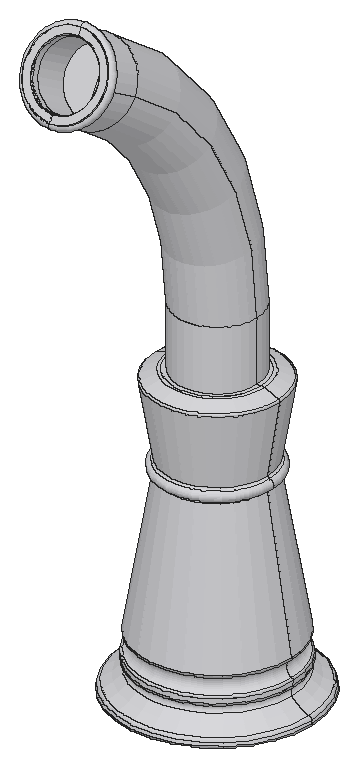
Revit family "Faucet-Wall_Mount-Bath_Spout-KOHLER-ARCHER-K-8452X", category Plumbing Fixtures, host Face, Revit 2017
Family settings
  Host = Face
  Round Connector Dimension = Use Diameter
  Part Type = Normal
  OmniClass Number = 23.31.11.00
  OmniClass Title = Faucets
  Cut with Voids When Loaded = No
  Shared = No
  Room Calculation Point = No
Parameters (values of type "CP- Polished chrome")
  Width = 2 31/128"  # constant formula
  WaterSense Certified = 1 = 0  # no
  Waste Water Outlet = "Waste Water Outlet"  # constant formula
  Waste Connection = 1 = 0  # no
  Vent Connection = 1 = 0  # no
  URL = "https://www.kohler.co.th/"
  Type = 1
  Spout Reach = 7 123/256"  # constant formula
  Product Page URL = "https://www.kohler.co.th/en/productDetails/8452X?skuid=8452X-CP"
  Product Name = "ARCHER"  # constant formula
  Product Documentation Link = "http://resources.kohler.com/plumbing/kohlerapac/pdf/x4_170325221616.pdf"
  Pressure = 0.00 psi
  Model = if(Type = 1, "K-8452X-CP", "NA")  # "K-8452X-CP"
  Material = "Brass construction"  # constant formula
  Master Format 2014 Name = "Residential Faucets, Supplies, and Trim"  # constant formula
  Master Format 2014 = "22 41 39"  # constant formula
  Manufacturer Address = "16th Floor, Jasmine City Building 2, Soi Sukhumvit 23, Sukhumvit Road, Khlong Toei Nuea, Watthana, Bangkok 10110"  # constant formula
  Manufacturer = "KOHLER Co."  # constant formula
  Length = Spout Reach  # 7 123/256"
  Tempered Water Inlet = "Tempered Water Inlet"  # constant formula
  Height = 2 31/128"  # constant formula
  HW Connection = 1 = 1  # yes
  Flow Rate = 0 GPM
  Finish = Kohler-Metal-CP-Polished_Chrome
  Environmental Product Declaration = ""
  Drain Included = 1 = 0  # no
  Description = "Bath Spout"  # constant formula
  Default Elevation = 6 77/256"
  Declare Label = ""
  Date Modified = "09/24/2020"  # constant formula
  Date Created = "09/24/2020"  # constant formula
  Copyright = "Copyright KOHLER Co."  # constant formula
  Contact Us = "https://www.kohler.co.th/contact-us"
  Cold Water Inlet = "Cold Water Inlet"  # constant formula
  CW Connection = 1 = 0  # no
  Assembly Code = "D2010"
  ADA Compliant = 1 = 0  # no
Reference planes (in)
  plane 1 "Center (Front/Back)": y = 0
  plane 2: z = 0
  plane 3 "Center (Left/Right)": x = 0
  plane 4: x = -1.12205
  plane 5: x = 1.12014
  plane 6: y = 1.12205
  plane 7: y = -1.12205
  plane 8: z = 7.48047
  plane 9: y = -2.24219
  plane 10: z = 7.91339
  plane 11: through (0, -2.48563, 7.62102) normal (0, -0.5, -0.866)
Dimensions and locks (in)
  "Width": plane 4 to plane 5
  locked: plane 7 to plane 6 at 2.24409
  "Height": plane 1 "Center (Front/Back)" to plane 9
  "Spout Reach": level to plane 8
  locked: level to plane 10 at 7.91339
  locked: plane 8 to plane 11 (angle 30.00°)
  aligned and locked: plane 2 to host face
  aligned and locked: level to host face
  aligned and locked: plane 1 "Center (Front/Back)" to nested 1
  aligned and locked: plane 3 "Center (Left/Right)" to nested 1
  aligned and locked: plane 4 to nested 1
  aligned and locked: plane 5 to nested 1
  aligned and locked: plane 6 to nested 1
  aligned and locked: plane 7 to nested 1
  aligned and locked: plane 8 to nested 1
  aligned and locked: plane 9 to nested 1
  aligned and locked: plane 10 to nested 1
  aligned and locked: plane 11 to nested 1
Automatic sketch dimensions
  host sketch curve to host sketch curve = 96"  (x2)
Nested families (in)
  nested 1: "K-8452X" at (0, 0, 0.00015), type "K-8452X"
Connectors (in)
  piping at (0, 0, 0.00015), diameter 0.5, driven by "Flow Rate", driven by "HW Connection", driven by "Tempered Water Inlet"
    settings: on nested 1, index 1, connector inside diameter 24", connector length 0", flow factor 0, pipe flow 0 GPM, pressure drop 0.00 psi, fitting loss kfactor 0, connector angle 0.00°, fixture units 0, engagement length 0", angle of deflection 0.00°, flow configuration 0, flow direction 1, fitting loss method 0, system type 19, joint type 0, gender type 0, connector reference index -1, connector utility 1, adjustable connector no, is connector primary yes, connector description "Tempered Water Inlet"
Definition of nested family "K-8452X"
  Parameters (values of type "K-8452X")
    Material = none
  Reference planes (in)
    plane 1 "Center (Front/Back)": y = 0
    plane 2: z = 0
    plane 3 "Center (Left/Right)": x = 0
    plane 4: x = -1.12205
    plane 5: x = 1.12205
    plane 6: y = 1.12205
    plane 7: y = -1.12205
    plane 8: z = 7.48031
    plane 9: y = -2.24409
    plane 10: z = 7.91339
    plane 11: through (0, -2.24409, 7.48031) normal (0, 0.5, 0.866)
  Forms (in)
    Revolve 1, solid, material <- "Material", detail levels medium+fine
      sketch origin (0, 0, 0.00023) x (1, 0, 0) y (0, 0, 1)
        loop
          line (0, -0.00023) -> (0, 3.39017) -> (-0.52376, 3.39017)
          arc (-0.52376, 3.39017) -> (-0.54037, 3.38853) -> (-0.55634, 3.38366) r 0.08479
          line (-0.55634, 3.38366) -> (-0.72325, 3.31421)
          arc (-0.72325, 3.31421) -> (-0.73456, 3.30407) -> (-0.73706, 3.28909) r 0.02297
          line (-0.73706, 3.28909) -> (-0.59507, 2.46679)
          arc (-0.59507, 2.46679) -> (-0.59912, 2.44906) -> (-0.61456, 2.43946) r 0.02362
          arc (-0.61456, 2.43946) -> (-0.66266, 2.3835) -> (-0.61577, 2.32653) r 0.05731
          arc (-0.61577, 2.32653) -> (-0.60068, 2.31682) -> (-0.59678, 2.29931) r 0.02362
          line (-0.59678, 2.29931) -> (-0.8817, 0.63789)
          arc (-0.8817, 0.63789) -> (-0.87953, 0.62162) -> (-0.86849, 0.60947) r 0.02756
          arc (-0.86849, 0.60947) -> (-0.81852, 0.51436) -> (-0.88167, 0.42744) r 0.10177
          arc (-0.88167, 0.42744) -> (-0.89381, 0.41757) -> (-0.89838, 0.40261) r 0.02681
          line (-0.89838, 0.40261) -> (-0.89838, 0.34882)
          arc (-0.89838, 0.34882) -> (-0.89504, 0.3338) -> (-0.88565, 0.32162) r 0.03543
          arc (-0.88565, 0.32162) -> (-0.86565, 0.28109) -> (-0.8822, 0.23902) r 0.05585
          arc (-0.8822, 0.23902) -> (-0.97639, 0.15923) -> (-1.08165, 0.09474) r 0.80691
          arc (-1.08165, 0.09474) -> (-1.10067, 0.07929) -> (-1.11178, 0.05746) r 0.05905
          line (-1.11178, 0.05746) -> (-1.12143, 0.02142)
          arc (-1.12143, 0.02142) -> (-1.11847, 0.0065) -> (-1.10482, -0.00023) r 0.0172
          line (-1.10482, -0.00023) -> (0, -0.00023)
        axis (0, 3.39017) -> (0, -0.00023)
      angle from 0 to 360
    Sweep 2, solid, material <- "Material"
      path origin (0, 0, 0) x (0, 1, 0) y (0, 0, 1)
        loop
          line (0, 3.39017) -> (0, 4.0935)
          arc (0, 4.0935) -> (-0.48526, 5.90452) -> (-1.81102, 7.23028) r 3.62205
          line (-1.81102, 7.23028) -> (-2.24409, 7.48031)
      profile origin (0, 0, 3.74183) x (0, -1, 0) y (1, 0, 0)
        loop
          circle (0, 0) r 0.47244
    Revolve 3, solid, material <- "Material", detail levels medium+fine
      sketch origin (0, 0, 0.00023) x (0, 1, 0) y (0, 0, 1)
        loop
          line (-2.24409, 7.48031) -> (-2.15429, 7.42847) -> (-1.91922, 7.83561)
          arc (-1.91922, 7.83561) -> (-1.9382, 7.90644) -> (-2.00903, 7.88746) r 0.05185
          line (-2.00903, 7.88746) -> (-2.24409, 7.48031)
        axis (-2.15429, 7.42847) -> (-2.24409, 7.48031)
      angle from 0 to 360
    Revolve 4, void, detail levels medium+fine
      sketch origin (0, 0, 0.00023) x (0, 1, 0) y (0, 0, 1)
        loop
          line (-1.77847, 7.21148) -> (-1.59062, 7.53684) -> (-2.0368, 7.79444)
          arc (-2.0368, 7.79444) -> (-2.0549, 7.82016) -> (-2.04695, 7.8506) r 0.03738
          line (-2.04695, 7.8506) -> (-2.08028, 7.86984) -> (-2.2899, 7.50676) -> (-1.77847, 7.21148)
        axis (-1.77847, 7.21148) -> (-2.2899, 7.50676)
      angle from 0 to 360
    Revolve 5, solid, material <- "Material", detail levels coarse
      sketch origin (0, 0, 0) x (0, 1, 0) y (0, 0, 1)
        loop
          line (0, 3.39017) -> (0, 0.17212) -> (0, 0) -> (1.12205, 0) -> (1.12205, 0.36193) -> (0.89838, 0.36193) -> (0.89838, 3.39017) -> (0, 3.39017)
        axis (0, 3.39017) -> (0, 0)
      angle from 0 to 360
    Extrusion 6, solid, material <- "Material", detail levels medium+fine
      sketch origin (0, 0, 0) x (1, 0, 0) y (0, 1, 0)
        loop
          circle (0, 0) r 0.11811
      from 0 to 0.19685
  Cuts and joins
    Revolve 4 cuts Revolve 3
    joined: Revolve 1, Revolve 3
    Revolve 4 cuts Sweep 2
  Lines and regions (in)
    Masking region 1
      outline origin (0, 0, 0) x (1, 0, 0) y (0, 1, 0)
        loop
          arc (0.47244, -1.01774) -> (0, 1.12205) -> (-0.47244, -1.01774) r 1.12205
          line (-0.47244, -1.01774) -> (-0.47244, -2.07248)
          spline (-0.47244, -2.07248) -> (-0.50272, -2.11781) -> (-0.51905, -2.16531) -> (-0.52097, -2.21366) -> (-0.50842, -2.26151) -> (-0.48177, -2.30754) -> (-0.44174, -2.35047) -> (-0.38945, -2.3891) -> (-0.32635, -2.42238) -> (-0.25419, -2.44936) -> (-0.17497, -2.46931) -> (-0.0909, -2.48167) -> (-0.0043, -2.4861)
          spline (-0.0043, -2.4861) -> (0.08312, -2.4824) -> (0.1682, -2.47062) -> (0.24853, -2.45109) -> (0.32185, -2.42436) -> (0.38609, -2.39118) -> (0.43943, -2.35249) -> (0.48038, -2.30937) -> (0.50777, -2.26306) -> (0.52083, -2.21485) -> (0.5192, -2.1661) -> (0.50291, -2.1182) -> (0.47244, -2.07248)
          line (0.47244, -2.07248) -> (0.47244, -1.01774)
    Masking region 2
      outline origin (0, 0, 0) x (1, 0, 0) y (0, 0, 1)
        loop
          line (0, 0) -> (1.10476, 0)
          arc (1.10476, 0) -> (1.11841, 0.00673) -> (1.12137, 0.02165) r 0.0172
          line (1.12137, 0.02165) -> (1.11178, 0.05746)
          arc (1.11178, 0.05746) -> (1.10067, 0.07929) -> (1.08165, 0.09474) r 0.05905
          arc (1.08165, 0.09474) -> (0.97639, 0.15923) -> (0.8822, 0.23902) r 0.80691
          arc (0.8822, 0.23902) -> (0.86565, 0.28109) -> (0.88565, 0.32162) r 0.05585
          arc (0.88565, 0.32162) -> (0.89504, 0.3338) -> (0.89838, 0.34882) r 0.03543
          line (0.89838, 0.34882) -> (0.89838, 0.40261)
          arc (0.89838, 0.40261) -> (0.89381, 0.41757) -> (0.88167, 0.42744) r 0.02681
          arc (0.88167, 0.42744) -> (0.81852, 0.51436) -> (0.86849, 0.60947) r 0.10177
          arc (0.86849, 0.60947) -> (0.87953, 0.62162) -> (0.8817, 0.63789) r 0.02756
          line (0.8817, 0.63789) -> (0.59678, 2.29931)
          arc (0.59678, 2.29931) -> (0.60068, 2.31682) -> (0.61577, 2.32653) r 0.02362
          arc (0.61577, 2.32653) -> (0.66266, 2.3835) -> (0.61456, 2.43946) r 0.05731
          arc (0.61456, 2.43946) -> (0.59912, 2.44906) -> (0.59507, 2.46679) r 0.02362
          line (0.59507, 2.46679) -> (0.73706, 3.28909)
          arc (0.73706, 3.28909) -> (0.73456, 3.30407) -> (0.72325, 3.31421) r 0.02297
          line (0.72325, 3.31421) -> (0.55634, 3.38366)
          arc (0.55634, 3.38366) -> (0.54037, 3.38853) -> (0.52376, 3.39017) r 0.08479
          line (0.52376, 3.39017) -> (0.47244, 3.39017) -> (0.47244, 7.25936)
          arc (0.47244, 7.25936) -> (0.51265, 7.36788) -> (0.52065, 7.48334) r 0.40663
          spline (0.52065, 7.48334) -> (0.50204, 7.59508) -> (0.44937, 7.69903) -> (0.3662, 7.78814) -> (0.25817, 7.85637) -> (0.13263, 7.89908) -> (-0.00192, 7.91338) -> (-0.13635, 7.8983) -> (-0.26153, 7.85486) -> (-0.36898, 7.786) -> (-0.45139, 7.69641) -> (-0.50319, 7.59216) -> (-0.52086, 7.48031)
          arc (-0.52086, 7.48031) -> (-0.51232, 7.3664) -> (-0.47244, 7.25936) r 0.40663
          line (-0.47244, 7.25936) -> (-0.47244, 3.39017) -> (-0.52376, 3.39017)
          arc (-0.52376, 3.39017) -> (-0.54037, 3.38853) -> (-0.55634, 3.38366) r 0.08479
          line (-0.55634, 3.38366) -> (-0.72325, 3.31421)
          arc (-0.72325, 3.31421) -> (-0.73456, 3.30407) -> (-0.73706, 3.28909) r 0.02297
          line (-0.73706, 3.28909) -> (-0.59507, 2.46679)
          arc (-0.59507, 2.46679) -> (-0.59912, 2.44906) -> (-0.61456, 2.43946) r 0.02362
          arc (-0.61456, 2.43946) -> (-0.66266, 2.3835) -> (-0.61577, 2.32653) r 0.05731
          arc (-0.61577, 2.32653) -> (-0.60068, 2.31682) -> (-0.59678, 2.29931) r 0.02362
          line (-0.59678, 2.29931) -> (-0.8817, 0.63789)
          arc (-0.8817, 0.63789) -> (-0.87953, 0.62162) -> (-0.86849, 0.60947) r 0.02756
          arc (-0.86849, 0.60947) -> (-0.81852, 0.51436) -> (-0.88167, 0.42744) r 0.10177
          arc (-0.88167, 0.42744) -> (-0.89381, 0.41757) -> (-0.89838, 0.40261) r 0.02681
          line (-0.89838, 0.40261) -> (-0.89838, 0.34882)
          arc (-0.89838, 0.34882) -> (-0.89504, 0.3338) -> (-0.88565, 0.32162) r 0.03543
          arc (-0.88565, 0.32162) -> (-0.86565, 0.28109) -> (-0.8822, 0.23902) r 0.05585
          arc (-0.8822, 0.23902) -> (-0.97639, 0.15923) -> (-1.08165, 0.09474) r 0.80691
          arc (-1.08165, 0.09474) -> (-1.10067, 0.07929) -> (-1.11178, 0.05746) r 0.05905
          line (-1.11178, 0.05746) -> (-1.12137, 0.02165)
          arc (-1.12137, 0.02165) -> (-1.11841, 0.00673) -> (-1.10476, 0) r 0.0172
          line (-1.10476, 0) -> (0, 0)
    Masking region 3
      outline origin (0, 0, 0) x (0, 1, 0) y (0, 0, 1)
        loop
          line (0, 0) -> (1.10482, 0)
          arc (1.10482, 0) -> (1.11847, 0.00673) -> (1.12143, 0.02165) r 0.0172
          line (1.12143, 0.02165) -> (1.11178, 0.05769)
          arc (1.11178, 0.05769) -> (1.10067, 0.07952) -> (1.08165, 0.09497) r 0.05905
          arc (1.08165, 0.09497) -> (0.97639, 0.15946) -> (0.8822, 0.23925) r 0.80691
          arc (0.8822, 0.23925) -> (0.86565, 0.28131) -> (0.88565, 0.32185) r 0.05585
          arc (0.88565, 0.32185) -> (0.89504, 0.33403) -> (0.89838, 0.34905) r 0.03543
          line (0.89838, 0.34905) -> (0.89838, 0.40284)
          arc (0.89838, 0.40284) -> (0.89381, 0.4178) -> (0.88167, 0.42766) r 0.02681
          arc (0.88167, 0.42766) -> (0.81852, 0.51458) -> (0.86849, 0.6097) r 0.10177
          arc (0.86849, 0.6097) -> (0.87953, 0.62185) -> (0.8817, 0.63812) r 0.02756
          line (0.8817, 0.63812) -> (0.59678, 2.29954)
          arc (0.59678, 2.29954) -> (0.60068, 2.31704) -> (0.61577, 2.32676) r 0.02362
          arc (0.61577, 2.32676) -> (0.66266, 2.38373) -> (0.61456, 2.43968) r 0.05731
          arc (0.61456, 2.43968) -> (0.59912, 2.44929) -> (0.59507, 2.46702) r 0.02362
          line (0.59507, 2.46702) -> (0.73706, 3.28932)
          arc (0.73706, 3.28932) -> (0.73456, 3.3043) -> (0.72325, 3.31444) r 0.02297
          line (0.72325, 3.31444) -> (0.55634, 3.38389)
          arc (0.55634, 3.38389) -> (0.54037, 3.38876) -> (0.52376, 3.3904) r 0.08479
          line (0.52376, 3.3904) -> (0.47244, 3.3904) -> (0.47244, 4.0935)
          arc (0.47244, 4.0935) -> (-0.07612, 6.14074) -> (-1.5748, 7.63943) r 4.09449
          line (-1.5748, 7.63943) -> (-1.91811, 7.83764)
          arc (-1.91811, 7.83764) -> (-1.93817, 7.90655) -> (-2.00787, 7.88946) r 0.05187
          line (-2.00787, 7.88946) -> (-2.48031, 7.07117)
          arc (-2.48031, 7.07117) -> (-2.46026, 7.00225) -> (-2.39055, 7.01935) r 0.05187
          line (-2.39055, 7.01935) -> (-2.04724, 6.82114)
          arc (-2.04724, 6.82114) -> (-0.89441, 5.6683) -> (-0.47244, 4.0935) r 3.14961
          line (-0.47244, 4.0935) -> (-0.47244, 3.3904) -> (-0.52376, 3.3904)
          arc (-0.52376, 3.3904) -> (-0.54037, 3.38876) -> (-0.55634, 3.38389) r 0.08479
          line (-0.55634, 3.38389) -> (-0.72325, 3.31444)
          arc (-0.72325, 3.31444) -> (-0.73456, 3.3043) -> (-0.73706, 3.28932) r 0.02297
          line (-0.73706, 3.28932) -> (-0.59507, 2.46702)
          arc (-0.59507, 2.46702) -> (-0.59912, 2.44929) -> (-0.61456, 2.43968) r 0.02362
          arc (-0.61456, 2.43968) -> (-0.66266, 2.38373) -> (-0.61577, 2.32676) r 0.05731
          arc (-0.61577, 2.32676) -> (-0.60068, 2.31704) -> (-0.59678, 2.29954) r 0.02362
          line (-0.59678, 2.29954) -> (-0.8817, 0.63812)
          arc (-0.8817, 0.63812) -> (-0.87953, 0.62185) -> (-0.86849, 0.6097) r 0.02756
          arc (-0.86849, 0.6097) -> (-0.81852, 0.51458) -> (-0.88167, 0.42766) r 0.10177
          arc (-0.88167, 0.42766) -> (-0.89381, 0.4178) -> (-0.89838, 0.40284) r 0.02681
          line (-0.89838, 0.40284) -> (-0.89838, 0.34905)
          arc (-0.89838, 0.34905) -> (-0.89504, 0.33403) -> (-0.88565, 0.32185) r 0.03543
          arc (-0.88565, 0.32185) -> (-0.86565, 0.28131) -> (-0.8822, 0.23925) r 0.05585
          arc (-0.8822, 0.23925) -> (-0.97639, 0.15946) -> (-1.08165, 0.09497) r 0.80691
          arc (-1.08165, 0.09497) -> (-1.10067, 0.07952) -> (-1.11178, 0.05769) r 0.05905
          line (-1.11178, 0.05769) -> (-1.12143, 0.02165)
          arc (-1.12143, 0.02165) -> (-1.11847, 0.00673) -> (-1.10482, 0) r 0.0172
          line (-1.10482, 0) -> (0, 0)
    symbolic lines, detail levels medium+fine
      curve 1: arc (0.47244, -0.76412, 0) -> (0, 0.89838, 0) -> (-0.47244, -0.76412, 0) r 0.89838
      curve 2: arc (0.47244, -0.74543, 0) -> (0, 0.88253, 0) -> (-0.47244, -0.74543, 0) r 0.88253
      curve 3: arc (0.47244, -0.56691, 0) -> (0, 0.73796, 0) -> (-0.47244, -0.56691, 0) r 0.73796
      curve 4: arc (0.47244, -0.28679, 0) -> (0, 0.55267, 0) -> (-0.47244, -0.28679, 0) r 0.55267
      curve 5: line (-0.47244, 0.00046, 0) -> (-0.47244, -1.1811, 0)
      curve 6: line (0.47244, 0.00046, 0) -> (0.47244, -1.1811, 0)
      curve 7: arc (0.47244, 0.00046, 0) -> (0, 0.4729, 0) -> (-0.47244, 0.00046, 0) r 0.47244
      curve 8: spline (0, -2.43569, 0) -> (-0.09917, -2.42916, 0) -> (-0.19159, -2.41002, 0) -> (-0.27095, -2.37957, 0) -> (-0.33185, -2.33989, 0) -> (-0.37013, -2.29368, 0) -> (-0.38318, -2.24409, 0) -> (-0.37013, -2.19451, 0) -> (-0.33185, -2.1483, 0) -> (-0.27095, -2.10862, 0) -> (-0.19159, -2.07817, 0) -> (-0.09917, -2.05903, 0) -> (0, -2.0525, 0)
      curve 9: spline (0, -2.0525, 0) -> (0.09917, -2.05903, 0) -> (0.19159, -2.07817, 0) -> (0.27095, -2.10862, 0) -> (0.33185, -2.1483, 0) -> (0.37013, -2.19451, 0) -> (0.38318, -2.24409, 0) -> (0.37013, -2.29368, 0) -> (0.33185, -2.33989, 0) -> (0.27095, -2.37957, 0) -> (0.19159, -2.41002, 0) -> (0.09917, -2.42916, 0) -> (0, -2.43569, 0)
      curve 10: arc (-0.47244, -2.07248, 0) -> (-0.38228, -1.99853, 0) -> (-0.27466, -1.95364, 0) r 0.40107
      curve 11: arc (-0.27466, -1.95364, 0) -> (-0.1384, -1.92759, 0) -> (0, -1.91811, 0) r 1.15075
      curve 12: arc (0.47244, -2.07248, 0) -> (0.38228, -1.99853, 0) -> (0.27466, -1.95364, 0) r 0.40107
      curve 13: arc (0.27466, -1.95364, 0) -> (0.1384, -1.92759, 0) -> (0, -1.91811, 0) r 1.15075
      curve 14: spline (-0.47244, -1.77343, 0) -> (-0.45634, -1.73324, 0) -> (-0.40915, -1.69578, 0) -> (-0.33407, -1.66361, 0) -> (-0.23622, -1.63893, 0) -> (-0.12228, -1.62342, 0) -> (0, -1.61812, 0) -> (0.12228, -1.62342, 0) -> (0.23622, -1.63893, 0) -> (0.33407, -1.66361, 0) -> (0.40915, -1.69578, 0) -> (0.45634, -1.73324, 0) -> (0.47244, -1.77343, 0)
      curve 15: spline (-0.35916, -2.21891, 0) -> (-0.34692, -2.17584, 0) -> (-0.31104, -2.13571, 0) -> (-0.25397, -2.10124, 0) -> (-0.17958, -2.0748, 0) -> (-0.09296, -2.05817, 0) -> (0, -2.0525, 0) -> (0.09296, -2.05817, 0) -> (0.17958, -2.0748, 0) -> (0.25397, -2.10124, 0) -> (0.31104, -2.13571, 0) -> (0.34692, -2.17584, 0) -> (0.35916, -2.21891, 0) -> (0.34692, -2.26198, 0) -> (0.31104, -2.30211, 0) -> (0.25397, -2.33658, 0) -> (0.17958, -2.36302, 0) -> (0.09296, -2.37965, 0) -> (0, -2.38532, 0) -> (-0.09296, -2.37965, 0) -> (-0.17958, -2.36302, 0) -> (-0.25397, -2.33658, 0) -> (-0.31104, -2.30211, 0) -> (-0.34692, -2.26198, 0) -> (-0.35916, -2.21891, 0)
      curve 16: spline (-0.34712, -2.21165, 0) -> (-0.33529, -2.1729, 0) -> (-0.30061, -2.13679, 0) -> (-0.24545, -2.10579, 0) -> (-0.17356, -2.082, 0) -> (-0.08984, -2.06704, 0) -> (0, -2.06194, 0) -> (0.08984, -2.06704, 0) -> (0.17356, -2.082, 0) -> (0.24545, -2.10579, 0) -> (0.30061, -2.13679, 0) -> (0.33529, -2.1729, 0) -> (0.34712, -2.21165, 0) -> (0.33529, -2.25039, 0) -> (0.30061, -2.2865, 0) -> (0.24545, -2.3175, 0) -> (0.17356, -2.34129, 0) -> (0.08984, -2.35625, 0) -> (0, -2.36135, 0) -> (-0.08984, -2.35625, 0) -> (-0.17356, -2.34129, 0) -> (-0.24545, -2.3175, 0) -> (-0.30061, -2.2865, 0) -> (-0.33529, -2.25039, 0) -> (-0.34712, -2.21165, 0)
      curve 17: spline (-0.33981, -2.20632, 0) -> (-0.32824, -2.16896, 0) -> (-0.29429, -2.13413, 0) -> (-0.24029, -2.10423, 0) -> (-0.16991, -2.08129, 0) -> (-0.08795, -2.06686, 0) -> (0, -2.06194, 0) -> (0.08795, -2.06686, 0) -> (0.16991, -2.08129, 0) -> (0.24029, -2.10423, 0) -> (0.29429, -2.13413, 0) -> (0.32824, -2.16896, 0) -> (0.33981, -2.20632, 0) -> (0.32824, -2.24369, 0) -> (0.29429, -2.27852, 0) -> (0.24029, -2.30842, 0) -> (0.16991, -2.33136, 0) -> (0.08795, -2.34579, 0) -> (0, -2.35071, 0) -> (-0.08795, -2.34579, 0) -> (-0.16991, -2.33136, 0) -> (-0.24029, -2.30842, 0) -> (-0.29429, -2.27852, 0) -> (-0.32824, -2.24369, 0) -> (-0.33981, -2.20632, 0)
      curve 18: line (-0.01228, -2.20667, 0) -> (-0.02479, -2.35032, 0)
      curve 19: line (-0.05847, -2.24409, 0) -> (-0.21756, -2.31696, 0)
      curve 20: line (-0.02829, -2.24409, 0) -> (-0.32798, -2.24409, 0)
      curve 21: line (-0.21089, -2.24409, 0) -> (-0.21089, -2.31954, 0)
      curve 22: line (-0.05847, -2.24409, 0) -> (-0.05847, -2.2042, 0)
      curve 23: line (-0.06487, -2.24409, 0) -> (-0.06487, -2.20148, 0)
      curve 24: line (-0.26562, -2.11627, 0) -> (-0.02829, -2.21701, 0)
      curve 25: line (-0.02829, -2.21701, 0) -> (-0.02829, -2.06244, 0)
      curve 26: line (-0.21756, -2.31696, 0) -> (-0.21756, -2.24409, 0)
      curve 27: line (-0.01639, -2.06211, 0) -> (-0.01387, -2.20667, 0)
      curve 28: line (-0.02829, -2.20667, 0) -> (-0.01816, -2.20667, 0)
      curve 29: line (-0.02829, -2.19956, 0) -> (-0.24649, -2.10694, 0)
      curve 30: line (0.01228, -2.20667, 0) -> (0.02479, -2.35032, 0)
      curve 31: line (0.05847, -2.24409, 0) -> (0.21756, -2.31696, 0)
      curve 32: line (0.02829, -2.24409, 0) -> (0.32798, -2.24409, 0)
      curve 33: line (0.21089, -2.24409, 0) -> (0.21089, -2.31954, 0)
      curve 34: line (0.05847, -2.24409, 0) -> (0.05847, -2.2042, 0)
      curve 35: line (0.06487, -2.24409, 0) -> (0.06487, -2.20148, 0)
      curve 36: line (0.26494, -2.11656, 0) -> (0.02829, -2.21701, 0)
      curve 37: line (0.02829, -2.21701, 0) -> (0.02829, -2.06244, 0)
      curve 38: line (0.21756, -2.31696, 0) -> (0.21756, -2.24409, 0)
      curve 39: line (0.01639, -2.06211, 0) -> (0.01387, -2.20667, 0)
      curve 40: line (0.02829, -2.20667, 0) -> (-0.01816, -2.20667, 0)
      curve 41: line (0.02829, -2.19956, 0) -> (0.24649, -2.10694, 0)
      curve 42: line (0.47244, 0, 3.39017) -> (-0.47244, 0, 3.39017)
      curve 43: line (0.47244, 0, 4.30798) -> (-0.47244, 0, 4.30798)
      curve 44: line (0.72325, 0, 3.31421) -> (-0.72325, 0, 3.31421)
      curve 45: line (0.59507, 0, 2.46679) -> (-0.59507, 0, 2.46679)
      curve 46: line (0.59678, 0, 2.29931) -> (-0.59678, 0, 2.29931)
      curve 47: line (0.8817, 0, 0.63789) -> (-0.8817, 0, 0.63789)
      curve 48: line (0.88167, 0, 0.42744) -> (-0.88167, 0, 0.42744)
      curve 49: line (0.88565, 0, 0.32162) -> (-0.88565, 0, 0.32162)
      curve 50: line (0.8822, 0, 0.23902) -> (-0.8822, 0, 0.23902)
      curve 51: line (1.08165, 0, 0.09474) -> (-1.08165, 0, 0.09474)
      curve 52: spline (0, 0, 7.83764) -> (0.06167, 0, 7.83414) -> (0.12228, 0, 7.8237) -> (0.1808, 0, 7.80649) -> (0.23622, 0, 7.78282) -> (0.2876, 0, 7.75309) -> (0.33407, 0, 7.7178) -> (0.37481, 0, 7.67756) -> (0.40915, 0, 7.63306) -> (0.43648, 0, 7.58506) -> (0.45634, 0, 7.53439) -> (0.4684, 0, 7.4819) -> (0.47244, 0, 7.42849)
      curve 53: spline (-0.47244, 0, 7.42849) -> (-0.4684, 0, 7.4819) -> (-0.45634, 0, 7.53439) -> (-0.43648, 0, 7.58506) -> (-0.40915, 0, 7.63306) -> (-0.37481, 0, 7.67756) -> (-0.33407, 0, 7.7178) -> (-0.2876, 0, 7.75309) -> (-0.23622, 0, 7.78282) -> (-0.1808, 0, 7.80649) -> (-0.12228, 0, 7.8237) -> (-0.06167, 0, 7.83414) -> (0, 0, 7.83764)
      curve 54: line (0.47244, 0, 7.42849) -> (0.47244, 0, 7.20281)
      curve 55: line (-0.47244, 0, 7.42849) -> (-0.47244, 0, 7.14152)
      curve 56: line (0, 0.47244, 3.3904) -> (0, -0.47244, 3.3904)
      curve 57: line (0, 0.72325, 3.31444) -> (0, -0.72325, 3.31444)
      curve 58: line (0, 0.59507, 2.46702) -> (0, -0.59507, 2.46702)
      curve 59: line (0, 0.59678, 2.29954) -> (0, -0.59678, 2.29954)
      curve 60: line (0, 0.8817, 0.63812) -> (0, -0.8817, 0.63812)
      curve 61: line (0, 0.88167, 0.42766) -> (0, -0.88167, 0.42766)
      curve 62: line (0, 0.88565, 0.32185) -> (0, -0.88565, 0.32185)
      curve 63: line (0, 0.8822, 0.23925) -> (0, -0.8822, 0.23925)
      curve 64: line (0, 1.08165, 0.09497) -> (0, -1.08165, 0.09497)
      curve 65: line (0, 0.47244, 4.0935) -> (0, -0.47244, 4.0935)
      curve 66: line (0, -2.04724, 6.82114) -> (0, -1.5748, 7.63943)
      curve 67: line (0, -2.39055, 7.01935) -> (0, -1.91811, 7.83764)
      curve 68: spline (0.47244, 0, 6.77826) -> (0.45634, 0, 6.79994) -> (0.40915, 0, 6.82013) -> (0.33407, 0, 6.83748) -> (0.23622, 0, 6.85079) -> (0.12228, 0, 6.85915) -> (0, 0, 6.86201) -> (-0.12228, 0, 6.85915) -> (-0.23622, 0, 6.85079) -> (-0.33407, 0, 6.83748) -> (-0.40915, 0, 6.82013) -> (-0.45634, 0, 6.79994) -> (-0.47244, 0, 6.77826)
  Dimensions and locks (in)
    plane 6 to plane 7 = 2.24409"
    plane 4 to plane 5 = 2.24409"
    plane 9 to plane 1 "Center (Front/Back)" = 2.24409"
    locked: plane 10 to level at 7.91339
    plane 8 to level = 7.48031"
    angle plane 8 to plane 11 = 30.00°
    aligned and locked: plane 2 to level
